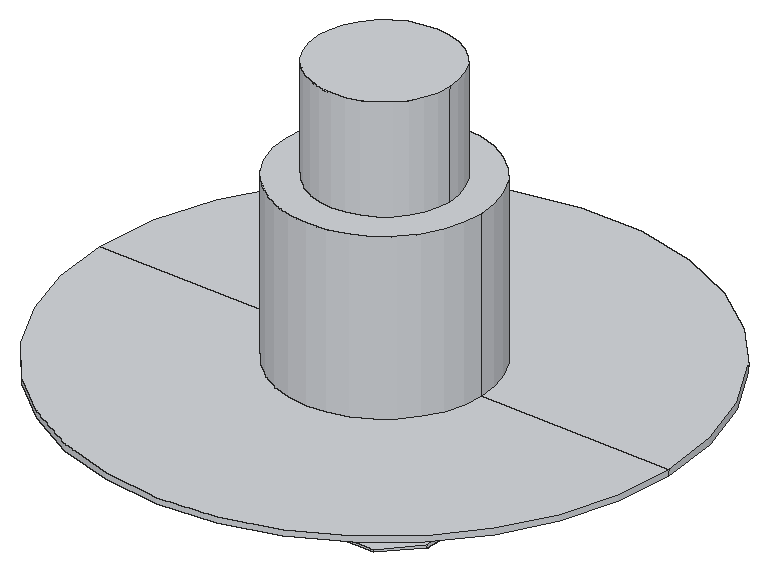
Revit family "XLEPC", category Sprinklers, Revit 2016
Family settings
  Maintain Annotation Orientation = No
  Part Type = Normal
  Round Connector Dimension = Use Diameter
  OmniClass Number = 23.85.30.21
  OmniClass Title = Environmental Detection/Registration
  Work Plane-Based = No
  Always vertical = Yes
  Cut with Voids When Loaded = No
  Shared = No
  Room Calculation Point = No
Parameters (values of type "RASCO XL INST EC PENDENT")
  Temperature Rating = 165 °F
  Response = Quick
  RASCO SIN # = "R1344"
  RASCO Part # = "XLEPC"
  Pressure Rating = "21.6"
  Pressure Class = Standard
  Orifice Size = 7/16"
  Orifice = Standard
  Model = "XL INST EC PENDENT"
  Manufacturer = "RASCO"
  K-Factor = 5.6
  Diameter = 5 5/128"
  Description = "CHROME FINISH"
  Coverage = Extended
Reference planes (in)
  plane 1 "Center (Front/Back)": y = 0
  plane 2: z = 0
  plane 3 "Center (Left/Right)": x = 0
Nested families (in)
  nested 1: "RASCO- XLEPC" at (0, 1.12168, 0), type "RASCO XL INSTITUTIONAL"
Connectors (in)
  piping at (0, 1.12168, 2.509), diameter 0.8125
    settings: on nested 1, index 1, connector inside diameter 24", connector length 0' - 0", flow factor 0, pipe flow 0 GPM, pressure drop 0.00 psi, fitting loss kfactor 0, connector angle 0.00°, fixture units 0, engagement length 0' - 0", angle of deflection 0.00°, flow configuration 0, flow direction 0, fitting loss method 0, system type 7, joint type 0, gender type 0, connector reference index -1, connector utility 0, adjustable connector no, is connector primary yes, connector description ""
Definition of nested family "RASCO- XLEPC"
  Parameters (values of type "RASCO XL INSTITUTIONAL")
    Type Comments = ""
    Temperature Rating = 0 °F
    Response = (empty or 0)
    Pressure Rating = "0"
    Pressure Class = (empty or 0)
    Orifice Size = 0"
    Orifice = (empty or 0)
    Model = ""
    Manufacturer = ""
    K-Factor = 0
    Coverage = (empty or 0)
    Assembly Code = ""
  Reference planes (in)
    plane 1 "Center (Front/Back)": y = 0
    plane 2: z = 0
    plane 3 "Center (Left/Right)": x = 0
    plane 4 "ref.2": z = 0.873
    plane 5 "ref.3": z = 1.878
    plane 6 "ref. 4": z = 0.294
    plane 7: z = 0.166
    plane 8: z = 0.363
    plane 9 "ref. 5": z = 0.06291
  Forms (in)
    Extrusion 1, solid
      sketch origin (0, 0, 0.873) x (-1, 0, 0) y (0, -1, 0)
        loop
          circle (0, 0) r 0.598
      from 0 to 1.005
    Extrusion 2, solid
      sketch origin (0, 0, 1.75079) x (-1, 0, 0) y (0, -1, 0)
        loop
          circle (0, 0) r 0.405
      from 0.12721 to 0.75821
    Revolve 3, solid
      sketch origin (0, 0, 0.363) x (1, 0, 0) y (0, 0, 1)
        loop
          line (0, 0.51) -> (-1.75, 0.51) -> (-1.75, 0.475) -> (-0.628, 0) -> (0, 0) -> (0, 0.51)
        axis (0, 0.51) -> (0, 0)
      angle from 0 to 360
    Extrusion 4, solid
      sketch origin (0, 0, 0.294) x (0, -1, 0) y (1, 0, 0)
        loop
          circle (0, 0) r 0.614
      from 0.069 to 0
    Revolve 5, solid
      sketch origin (0, 0, 0) x (1, 0, 0) y (0, 0, 1)
        loop
          line (-0.5, 0.294) -> (-0.20877, 0.166) -> (0, 0.166) -> (0, 0.294) -> (-0.5, 0.294)
        axis (0, 0.294) -> (0, 0.166)
      angle from 0 to 360
    Extrusion 6, solid
      sketch origin (0, 0, 0) x (1, 0, 0) y (0, 0, 1)
        loop
          line (-0.34833, 0.24105) -> (-0.37436, 0.19597)
          arc (-0.37436, 0.19597) -> (-0.38219, 0.17257) -> (-0.38025, 0.14797) r 0.06189
          line (-0.38025, 0.14797) -> (-0.35586, 0.06291) -> (-0.39443, 0.0359) -> (-0.35853, 0) -> (-0.31379, 0.03133)
          arc (-0.31379, 0.03133) -> (-0.3038, 0.04447) -> (-0.30329, 0.06097) r 0.02708
          line (-0.30329, 0.06097) -> (-0.32899, 0.15061)
          arc (-0.32899, 0.15061) -> (-0.33022, 0.16619) -> (-0.32526, 0.18101) r 0.03919
          line (-0.32526, 0.18101) -> (-0.30503, 0.21605) -> (-0.34833, 0.24105)
        loop
          line (0.34833, 0.24105) -> (0.30503, 0.21605) -> (0.32526, 0.18101)
          arc (0.32526, 0.18101) -> (0.33022, 0.16619) -> (0.32899, 0.15061) r 0.03919
          line (0.32899, 0.15061) -> (0.30329, 0.06097)
          arc (0.30329, 0.06097) -> (0.3038, 0.04447) -> (0.31379, 0.03133) r 0.02708
          line (0.31379, 0.03133) -> (0.35853, 0) -> (0.39443, 0.0359) -> (0.35586, 0.06291) -> (0.38025, 0.14797)
          arc (0.38025, 0.14797) -> (0.38219, 0.17257) -> (0.37436, 0.19597) r 0.06189
          line (0.37436, 0.19597) -> (0.34833, 0.24105)
      from -0.11113 to 0.11041
    Extrusion 7, solid
      sketch origin (-0.0518, -0.12961, 0.06291) x (-1, 0, 0) y (0, -1, 0)
        loop
          line (0.19208, -0.51961) -> (0.3692, -0.32259) -> (0.3692, 0.06101) -> (0.18997, 0.26039) -> (-0.29859, 0.26039) -> (-0.4728, 0.06659) -> (-0.4728, -0.32111) -> (-0.29435, -0.51961) -> (0.19208, -0.51961)
      from 0 to 0.012
